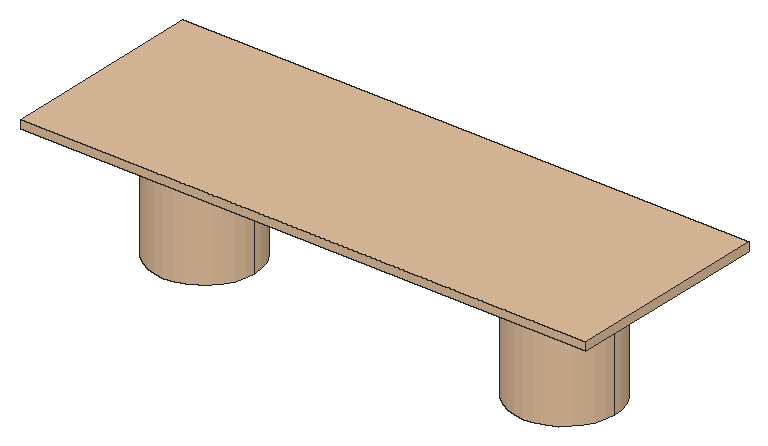
Revit family
Parameters (values of type "1200 x 3350mm")
  Keynote = "N"
  Assembly Code = ""
  Base Radius = 300 mm
  Description = "Seating 10-12"
  Material = Wood - Cherry
  Height = 760 mm
  Length = 3350 mm
  Width = 1200 mm
Reference planes
  plane 1 "Center F/B": y = 0
  plane 2: z = 0
  plane 3 "Center L/R": x = 0
  plane 4: x = -1065.4
  plane 5: x = -1675
  plane 6: x = 1065.4
  plane 7: x = 1675
  plane 8: y = -600
  plane 9: y = 600
  plane 10: y = 447.6
  plane 11: y = -447.6
Forms (mm)
  Extrusion 1, solid, material "Wood - Cherry" <- "Material"
    sketch origin (0, 0, 0) x (1, 0, 0) y (0, 1, 0)
      loop
        line (-1675, -600) -> (1675, -600) -> (1675, 600) -> (-1675, 600) -> (-1675, -600)
    from 709.2 to 760
  Extrusion 2, solid, material "Wood - Cherry" <- "Material"
    sketch origin (0, 0, 0) x (1, 0, 0) y (0, 1, 0)
      loop
        circle (-1065.4, 0) r 300
      loop
        circle (1065.4, 0) r 300
    from 0 to 709.2
Lines and regions (mm)
  Masking region 1
    outline origin (0, 0, 0) x (1, 0, 0) y (0, 1, 0)
      loop
        line (-1675, 600) -> (-1675, -600) -> (1675, -600) -> (1675, 600) -> (-1675, 600)
  symbolic lines
    curve 1: line (1675, 600, 0) -> (-1675, 600, 0)
    curve 2: line (1675, -600, 0) -> (1675, 600, 0)
    curve 3: line (-1675, -600, 0) -> (1675, -600, 0)
    curve 4: line (-1675, 600, 0) -> (-1675, -600, 0)
Dimensions and locks
  "Length": plane 5 to plane 7
  locked: plane 5 to plane 4 at 609.6
  locked: plane 6 to plane 7 at 609.6
  equal spacing: plane 4, plane 3 "Center L/R", plane 6
  "Width": plane 9 to plane 8
  locked: plane 11 to plane 8 at 152.4
  locked: plane 10 to plane 9 at 152.4
  equal spacing: plane 10, plane 1 "Center F/B", plane 11
  "Height": Extrusion 1 to plane 2
  locked: Extrusion 1 to Extrusion 1 at 50.8
  "Base Radius": radius of Extrusion 2 sketch curve  (x2)
  aligned and locked: Extrusion 2 to Extrusion 1
  aligned and locked: curve 1 to Extrusion 1
  aligned and locked: curve 2 to Extrusion 1
  aligned and locked: curve 3 to Extrusion 1
  aligned and locked: curve 4 to Extrusion 1
  aligned: Masking region 1 sketch curve to Extrusion 1  (x3)
  aligned: Extrusion 1 to Masking region 1 sketch curve
Automatic sketch dimensions
  Extrusion 2 sketch curve to plane 1 "Center F/B" = 0 mm  (x2)
  Extrusion 2 sketch curve to plane 4 = 0 mm
  Extrusion 2 sketch curve to plane 6 = 0 mm
  Masking region 1 sketch curve to plane 5 = 0 mm
  Masking region 1 sketch curve to plane 7 = 0 mm
  Masking region 1 sketch curve to plane 8 = 0 mm
  Masking region 1 sketch curve to plane 9 = 0 mm
